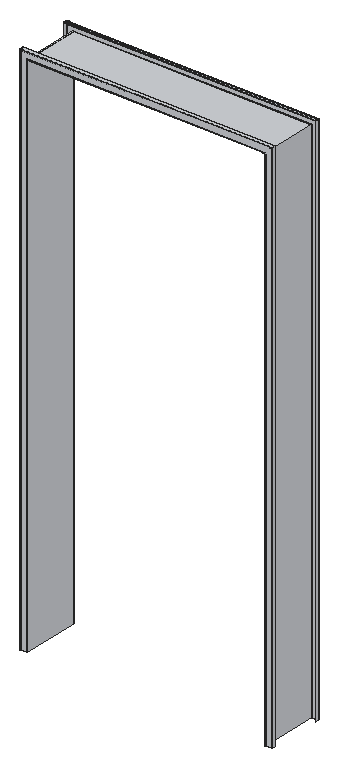
Revit family "BOS-Durchgangszarge-D-STW_Familie", category Türen, Revit 2017
Family settings
  Basisbauteil = Wand
  Immer vertikal = Ja
  Beim Laden mit Abzugskörper schneiden = Nein
  Gemeinsam genutzt = Nein
  Raumberechnungspunkt = Ja
Parameters (values of type "D")
  Wandstärke   Wall Thickness [instance] = 200 mm
  URL = "www.BestOfSteel.de/stahlzargen/weitere-loesungen/durchgangszargen/"
  Typenbild = <Keine Auswahl>
  Theoretisches Rohbaumaß Höhe   Theoretical Wall Opening Height Measurement [instance] = LDH Lichte Durchgangs Höhe + Einfügepunkt  # 2123 mm
  Theoretisches Rohbaumaß Breite   Theoretical Wall Opening Width Measurement [instance] = LDB Lichte Durchgangs Breite + (2 * Einfügepunkt)  # 996 mm
  Spiegel vorne   Architrave Front [instance] = 30 mm
  Spiegel vorne [instance] = if(Spiegel vorne   Architrave Front < 30 mm, 30 mm, if(Spiegel vorne   Architrave Front > 80 mm, 80 mm, Spiegel vorne   Architrave Front))  # 30 mm
  Spiegel hinten   Architrave Back [instance] = 30 mm
  Spiegel hinten [instance] = if(Spiegel hinten   Architrave Back < 30 mm, 30 mm, if(Spiegel hinten   Architrave Back > 80 mm, 80 mm, Spiegel hinten   Architrave Back))  # 30 mm
  Rough Height = 0 mm  # constant formula
  Rough Width = 0 mm  # constant formula
  Rechtliche Hinweise [instance] = "www.BestOfSteel.de/tools-downloads/bim-building-information-modeling/"
  Putzwinkel vorne = 15 mm  # constant formula
  Putzwinkel hinten = 15 mm  # constant formula
  MW min. = 100 mm  # constant formula
  MW max. = GT max. - Putzwinkel vorne - Putzwinkel hinten  # 620 mm
  LDH Lichte_Durchgangs_Höhe   Clearance Height [instance] = 2093 mm
  LDH Lichte Durchgangs Höhe [instance] = if(LDH Lichte_Durchgangs_Höhe   Clearance Height < LDH min., LDH min., if(LDH Lichte_Durchgangs_Höhe   Clearance Height > LDH max., LDH max., LDH Lichte_Durchgangs_Höhe   Clearance Height))  # 2093 mm
  LDB Lichte_Durchgangs_Breite   Clearance Width [instance] = 936 mm
  LDB Lichte Durchgangs Breite [instance] = if(LDB Lichte_Durchgangs_Breite   Clearance Width < LDB min., LDB min., if(LDB Lichte_Durchgangs_Breite   Clearance Width > LDB max., LDB max., LDB Lichte_Durchgangs_Breite   Clearance Width))  # 936 mm
  Information in English = no
  GT max. = 650 mm  # constant formula
  Funktion = Innen
  LDH min. = 1593 mm  # constant formula
  LDH max. = 2843 mm  # constant formula
  LDB min. = 561 mm  # constant formula
  LDB max. = 1311 mm  # constant formula
  Modell = "D"
  Material - Zarge = none
  Material = "grundiert, feuerverzinktes Feinblech nach DIN EN 10143"
  MW Maulweite   Receiving Opening [instance] = if(Wandstärke   Wall Thickness < MW min., MW min., if(Wandstärke   Wall Thickness > MW max., MW max., Wandstärke   Wall Thickness))  # 200 mm
  Height [instance] = Theoretisches Rohbaumaß Höhe   Theoretical Wall Opening Height Measurement  # 2123 mm
  Hersteller = "BOS GmbH Best Of Steel, Lütkenfelde 4, D-48282 Emsdetten"
  GT Gesamttiefe_Zarge   Total Profile Depth [instance] = MW Maulweite   Receiving Opening + Putzwinkel vorne + Putzwinkel hinten  # 230 mm
  MW Fehler [instance] = or(Wandstärke   Wall Thickness < MW min., Wandstärke   Wall Thickness > MW max.)  # no
  Einfügepunkt = 30 mm  # constant formula
  Dicke = 0 mm  # constant formula
  D = yes
  Width = 0 mm  # constant formula
  Beschreibung = "Durchgangszarge für Ständerwerk"
  Bauelement = "BOS Stahlzarge"
  BOS-Architekten-Beratung = "Tel.: +49 (0) 2572 203-203, Fax -209; E-Mail: architekten@BestOfSteel.de"
  BE max. = 100 mm  # constant formula
  BE Bodeneinstand   Foundation Bedding [instance] = 0 mm
  BE Bodeneinstand [instance] = if(BE Bodeneinstand   Foundation Bedding < 0 mm, 0 mm, if(BE Bodeneinstand   Foundation Bedding > BE max., BE max., BE Bodeneinstand   Foundation Bedding))  # 0 mm
  Allgemeine Informationen zu Stahlzargen = "www.BestOfSteel.de/tools-downloads/technische-infos-rund-um-die-stahlzarge/"
  Info-Texte sichtbar = yes
Reference planes
  plane 1 "Wand": y = 0
  plane 2 "Mitte (Links/rechts)": x = 125
  plane 3 "Hinten": y = 100
  plane 4 "Vorne": y = -100
  plane 5 "TRB links": x = -373
  plane 6 "TRB rechts": x = 623
  plane 7 "TRH oben": z = 2123
  plane 8 "BE": z = 0
  plane 9 "LDH oben": z = 2093
  plane 10 "BE max.": z = -100
  plane 11 "LDB links": x = -343
  plane 12 "LDB rechts": x = 593
Forms (mm)
  Sweep 1, solid, material <- "Material - Zarge", visible <- "D", detail levels medium+fine
    path origin (0, -100, 0) x (-1, 0, 0) y (0, 0, 1)
      loop
        line (373, 0) -> (373, 2123) -> (-623, 2123) -> (-623, 0)
    profile "BOS-D_Profil : BOS-D_Profil" origin (-373, -100, 1061.5) x (1, 0, 0) y (0, 1, 0)
      loop
        line (0, 200) -> (1.5, 200) -> (1.5, 212.5)
        arc (1.5, 212.5) -> (1.793, 213.207) -> (2.5, 213.5) r 1
        line (2.5, 213.5) -> (27.5, 213.5)
        arc (27.5, 213.5) -> (28.207, 213.207) -> (28.5, 212.5) r 1
        line (28.5, 212.5) -> (28.5, -12.5)
        arc (28.5, -12.5) -> (28.207, -13.207) -> (27.5, -13.5) r 1
        line (27.5, -13.5) -> (2.5, -13.5)
        arc (2.5, -13.5) -> (1.793, -13.207) -> (1.5, -12.5) r 1
        line (1.5, -12.5) -> (1.5, 0) -> (0, 0) -> (0, -12.5)
        arc (0, -12.5) -> (0.732, -14.268) -> (2.5, -15) r 2.5
        line (2.5, -15) -> (27.5, -15)
        arc (27.5, -15) -> (29.268, -14.268) -> (30, -12.5) r 2.5
        line (30, -12.5) -> (30, 212.5)
        arc (30, 212.5) -> (29.268, 214.268) -> (27.5, 215) r 2.5
        line (27.5, 215) -> (2.5, 215)
        arc (2.5, 215) -> (0.732, 214.268) -> (0, 212.5) r 2.5
        line (0, 212.5) -> (0, 200)
  Sweep 2, void
    path origin (0, -100, 0) x (-1, 0, 0) y (0, 0, 1)
      loop
        line (373, 0) -> (373, 2123) -> (-125, 2123)
    profile origin (-373, -100, 1061.5) x (1, 0, 0) y (0, 1, 0)
      loop
        line (23, 200) -> (23, 175) -> (0, 175) -> (0, 25) -> (23, 25) -> (23, 0) -> (498, 0) -> (498, 200) -> (23, 200)
  Sweep 3, void
    path origin (0, -100, 0) x (-1, 0, 0) y (0, 0, 1)
      loop
        line (-623, 0) -> (-623, 2123) -> (-125, 2123)
    profile origin (623, -100, 1061.5) x (1, 0, 0) y (0, 1, 0)
      loop
        line (-498, 200) -> (-498, 0) -> (-23, 0) -> (-23, 25) -> (0, 25) -> (0, 175) -> (-23, 175) -> (-23, 200) -> (-498, 200)
Lines and regions (mm)
  reference lines
    curve 1: line (65, 650, 0) -> (185, 650, 0)
    curve 2: line (65, -650, 0) -> (185, -650, 0)
    curve 3: line (1123, 100, 0) -> (1123, -100, 0)
Text (mm)
  text "Außen     " at (-1696.17, 830.944, 0), in view "Ref.-Ebene"
  text "Außen" at (0, 1409.804, 2854.306), in view "Links"
  text "Placement side" at (0, 499.811, 2980.732), in view "Rechts"
Dimensions and locks
  locked: plane 3 "Hinten" to host wall
  locked: host wall to plane 4 "Vorne" at 0
  equal spacing: plane 5 "TRB links", plane 2 "Mitte (Links/rechts)", plane 6 "TRB rechts"
  "Theoretisches Rohbaumaß Breite   Theoretical Wall Opening Width Measurement": plane 5 "TRB links" to plane 6 "TRB rechts"
  "BE Bodeneinstand": plane 8 "BE" to level
  "Wandstärke   Wall Thickness": host wall to host wall
  locked: plane 6 "TRB rechts" to curve 3 at 500
  "LDH Lichte Durchgangs Höhe": plane 9 "LDH oben" to level
  "Theoretisches Rohbaumaß Höhe   Theoretical Wall Opening Height Measurement": plane 7 "TRH oben" to level
  curve 2 to plane 4 "Vorne" to plane 3 "Hinten" to curve 1 = 550 mm, 200 mm, 550 mm
  "BE max.": level to plane 10 "BE max."
  equal spacing: plane 11 "LDB links", plane 2 "Mitte (Links/rechts)", plane 12 "LDB rechts"
  "LDB Lichte Durchgangs Breite": plane 11 "LDB links" to plane 12 "LDB rechts"
  aligned and locked: plane 1 "Wand" to host wall
  aligned and locked: plane 6 "TRB rechts" to nested 1
  aligned and locked: nested 1 to plane 4 "Vorne"
  aligned and locked: nested 2 to curve 3
  aligned and locked: host wall to nested 2
  aligned and locked: nested 3 to plane 2 "Mitte (Links/rechts)"
  aligned and locked: curve 2 to nested 3
  aligned and locked: plane 5 "TRB links" to nested 5
  aligned and locked: nested 5 to plane 4 "Vorne"
  aligned and locked: plane 6 "TRB rechts" to nested 6
  aligned and locked: plane 4 "Vorne" to nested 6
  aligned and locked: nested 4 to nested 5
  aligned and locked: nested 5 to nested 4
  aligned and locked: plane 2 "Mitte (Links/rechts)" to nested 7
  aligned and locked: curve 1 to nested 7
  aligned and locked: plane 2 "Mitte (Links/rechts)" to Sweep 2 sketch curve
  aligned and locked: Sweep 2 sketch curve to nested 5  (x6)
  aligned and locked: nested 5 to Sweep 2 sketch curve
  aligned and locked: Sweep 3 sketch curve to plane 2 "Mitte (Links/rechts)"
  aligned and locked: nested 6 to Sweep 3 sketch curve  (x2)
  aligned and locked: Sweep 3 sketch curve to nested 6  (x5)
Automatic sketch dimensions
  Sweep 1 sketch curve to plane 6 "TRB rechts" = 0 mm
  Sweep 1 sketch curve to plane 5 "TRB links" = 0 mm
  Sweep 1 sketch curve to plane 8 "BE" = 0 mm  (x2)
  Sweep 1 sketch curve to plane 7 "TRH oben" = 0 mm
  host wall to curve 3 = 0 mm
  curve 3 to host wall = 0 mm
  plane 2 "Mitte (Links/rechts)" to curve 1 = 60 mm
  plane 2 "Mitte (Links/rechts)" to curve 2 = 60 mm
  curve 1 to plane 2 "Mitte (Links/rechts)" = 60 mm
  curve 2 to plane 2 "Mitte (Links/rechts)" = 60 mm
  Sweep 2 sketch curve to plane 2 "Mitte (Links/rechts)" = 0 mm
  Sweep 2 sketch curve to plane 5 "TRB links" = 0 mm
  Sweep 2 sketch curve to level = 0 mm
  Sweep 2 sketch curve to plane 7 "TRH oben" = 0 mm
  Sweep 3 sketch curve to plane 6 "TRB rechts" = 0 mm
  Sweep 3 sketch curve to plane 2 "Mitte (Links/rechts)" = 0 mm
  Sweep 3 sketch curve to level = 0 mm
  Sweep 3 sketch curve to plane 7 "TRH oben" = 0 mm
Nested families
  nested 1: "BOS-BOS_Modell" at (623, -100, 1050), type "BOS-BOS_Modell", not visible
  nested 2: "BOS-Info-Texte_Beschriftung" at (1123, -0.955, 0), visible <- "MW Fehler", type "Maulweite Fehlermeldung"
  nested 3: "BOS-Info-Texte_Beschriftung" at (125, -650.955, 0), visible <- "Info-Texte sichtbar", type "Rechtliche Hinweise"
  nested 4: "BOS-Logo_Modell" at (-343, 70.5, 0), type "BOS-Logo_Modell", detail levels fine
  nested 5: "BOS-Bügelanker-eckig_Detail" at (-373, -100, 0), type "BOS-Bügelanker-eckig_Detail", detail levels fine
  nested 6: "BOS-Bügelanker-eckig_Detail" at (623, -100, 0) x (-1, 0, 0) z (0, 0, 1), type "BOS-Bügelanker-eckig_Detail", detail levels fine
  nested 7: "BOS-Info-Texte_Beschriftung" at (125, 649.045, 0), visible <- "Info-Texte sichtbar", type "Technische Hinweise 2"
Definition of nested family "BOS-BOS_Modell"
  Parameters (values of type "BOS-BOS_Modell")
    Abstand = 22 mm
  Reference planes
    plane 1 "Mitte (Vorne/hinten)": y = 0
    plane 2: z = 0
    plane 3 "Mitte (Links/rechts)": x = 0
    plane 4 "BOS": x = -22
  Dimensions and locks
    "Abstand": plane 4 "BOS" to plane 3 "Mitte (Links/rechts)"
    aligned and locked: level to plane 2
    aligned and locked: plane 1 "Mitte (Vorne/hinten)" to text3d elem
    aligned and locked: text3d elem to level
Definition of nested family "BOS-Info-Texte_Beschriftung"
  Parameters (values of type "Technische Hinweise 2")
    Info-Text En = "Due to manufacturing reasons this Revit family may not be changed\r\nwithout consulting BOS!\r\n\r\nThe solid and stud walls or, for example, their profiles,\r\nmust be designed so that they can reliably and sustainably\r\nabsorb the static and dynamic forces resulting\r\nfrom the load on the door element used."
    Englisch = no
    Info-Text De = "Diese Revit-Familie darf aus fertigungstechnischen Gründen\r\nnicht ohne Rücksprache mit BOS abgeändert werden!\r\n\r\nDie Massiv- und Ständerwerkswände bzw. deren Profile\r\nmüssen so ausgebildet sein, dass sie die statischen\r\nund dynamischen Kräfte, welche sich aus der Belastung\r\nder verwendeten Türelements ergeben, zuverlässig\r\nund nachhaltig aufnehmen können."
    Warndreieck = no
    Fehlerkreis = no
    Deutsch = not(Englisch)  # yes
    Ausrufezeichen = "!"
  Types (14, lengths in mm): name | Info-Text En | Info-Text De | Fehlerkreis
    Technische Hinweise MW | "Due to manufacturing reasons this Revit family may not be changed\r\nwithout consulting BOS!\r\n\r\nDo not mirror frames (door list)!\r\nsee ‘Features’: DIN left / DIN right" | "Diese Revit-Familie darf aus fertigungstechnischen Gründen\r\nnicht ohne Rücksprache mit BOS abgeändert werden!\r\n\r\nZargen nicht spiegeln (Türliste)!\r\nsiehe 'Eigenschaften': DIN links / DIN rechts" | no
    Rechtliche Hinweise | "In accordance with the protection note according to DIN 34, the ownership and copyrights are reserved!\r\n© 2016 BOS GmbH, Emsdetten, Germany -\r\nObserve the ISO 16016 protective label (see ID data)!\r\n\r\nSubject to technical change!" | "Entsprechend dem Schutzvermerk nach DIN 34 behalten wir uns Eigentum und Urheberrecht vor!\r\n© 2016 BOS GmbH, Emsdetten, Deutschland -\r\nSchutzvermerk ISO 16016 beachten (siehe ID-Daten)!\r\n\r\nTechnische Änderungen vorbehalten!" | no
    Maulweite Fehlermeldung | "Check the wall thickness!" | "Wandstärke prüfen!" | yes
    Technische Hinweise STW | "Due to manufacturing reasons this Revit family may not be changed\r\nwithout consulting BOS!\r\n\r\nDo not mirror frames (door list)!\r\nsee ‘Features’: DIN left / DIN right\r\n\r\nUA-profile (according to DIN 18182) to be provided on-site,\r\naccording to static calculation" | "Diese Revit-Familie darf aus fertigungstechnischen Gründen\r\nnicht ohne Rücksprache mit BOS abgeändert werden!\r\n\r\nZargen nicht spiegeln (Türliste)!\r\nsiehe 'Eigenschaften': DIN links / DIN rechts\r\n\r\nUA-Profil (gem. DIN 18182) bauseits,\r\nnach statischer Berechnung" | no
    Rohbaumaß Warnung | "For DIN door leaves, select larger structural wall measurements!" | "Bei DIN-Türblatt Rohbaumaße größer wählen!" | no
    Verstellbereich wkBud | "Adjustment area from -5 to +15mm,\r\nother adjustment areas possible" | "Verstellbereich von -5 bis +15mm\r\nanderer Verstellbereich möglich" | no
    Verstellbereich wSvdW | "Adjustment area in the soffit from -2 to +15mm,\r\nother adjustment areas possible" | "Verstellbereich in der Zargenleibung von -2 bis +15mm\r\nanderer Verstellbereich möglich" | no
    Technische Hinweise MW Norm | "Due to manufacturing reasons this Revit family may not be changed\r\nwithout consulting BOS!" | "Diese Revit-Familie darf aus fertigungstechnischen Gründen\r\nnicht ohne Rücksprache mit BOS abgeändert werden!" | no
    Technische Hinweise STW Norm | "Due to manufacturing reasons this Revit family may not be changed\r\nwithout consulting BOS!\r\n\r\nUA-profile (according to DIN 18182) to be provided on-site,\r\naccording to static calculation" | "Diese Revit-Familie darf aus fertigungstechnischen Gründen\r\nnicht ohne Rücksprache mit BOS abgeändert werden!\r\n\r\nUA-Profil (gem. DIN 18182) bauseits,\r\nnach statischer Berechnung" | no
    Maulweite Auswahl | "To adjust Receiving Opening see 'Features'" | "Anpassung von MW Maulweite unter 'Eigenschaften'" | no
    Technische Hinweise 15Nz15Z | "Due to manufacturing reasons this Revit family may not be changed\r\nwithout consulting BOS!\r\n\r\nDo not mirror frames (door list)!\r\nsee ‘Features’: DIN left / DIN right\r\n\r\nAttention for stud walls:\r\nno standard structural wall measurement, take the underlay into account!\r\nFor selection \"stud walls\":\r\nsee 'Features' (remove tick for brick walls)\r\n\r\nUA-profile (according to DIN 18182) to be provided on-site,\r\naccording to static calculation" | "Diese Revit-Familie darf aus fertigungstechnischen Gründen\r\nnicht ohne Rücksprache mit BOS abgeändert werden!\r\n\r\nZargen nicht spiegeln (Türliste)!\r\nsiehe 'Eigenschaften': DIN links / DIN rechts\r\n\r\nAchtung bei Ständerwerk:\r\nkein Standard-Rohbaumaß, Unterfütterung beachten!\r\nFür Auswahl \"Ständerwerk\": \r\nsiehe 'Eigenschaften' (Häkchen entfernen bei Mauerwerk)\r\n\r\nUA-Profil (gem. DIN 18182) bauseits, nach statischer Berechnung" | no
    Technische Hinweise MW-STW | "Due to manufacturing reasons this Revit family may not be changed\r\nwithout consulting BOS!\r\n\r\nDo not mirror frames (door list)!\r\nsee ‘Features’: DIN left / DIN right\r\n\r\nAttention for stud walls:\r\nUA-profile (according to DIN 18182) to be provided on-site,\r\naccording to static calculation\r\n\r\nAttention for brickwork:\r\nFor DIN door leaves, select larger structural wall measurements!" | "Diese Revit-Familie darf aus fertigungstechnischen Gründen\r\nnicht ohne Rücksprache mit BOS abgeändert werden!\r\n\r\nZargen nicht spiegeln (Türliste)!\r\nsiehe 'Eigenschaften': DIN links / DIN rechts\r\n\r\nAchtung bei Ständerwerk:\r\nUA-Profil (gem. DIN 18182) bauseits, nach statischer Berechnung\r\n\r\nAchtung bei Mauerwerk:\r\nBei DIN-Türblatt Rohbaumaße größer wählen!" | no
    Technische Hinweise | "Due to manufacturing reasons this Revit family may not be changed\r\nwithout consulting BOS!\r\n\r\nDo not mirror frames (door list)!\r\nsee ‘Features’: DIN left / DIN right\r\n\r\nThe solid and stud walls or, for example, their profiles,\r\nmust be designed so that they can reliably and sustainably\r\nabsorb the static and dynamic forces resulting\r\nfrom the load on the door element used." | "Diese Revit-Familie darf aus fertigungstechnischen Gründen\r\nnicht ohne Rücksprache mit BOS abgeändert werden!\r\n\r\nZargen nicht spiegeln (Türliste)!\r\nsiehe 'Eigenschaften': DIN links / DIN rechts\r\n\r\nDie Massiv- und Ständerwerkswände bzw. deren Profile\r\nmüssen so ausgebildet sein, dass sie die statischen\r\nund dynamischen Kräfte, welche sich aus der Belastung\r\nder verwendeten Türelements ergeben, zuverlässig\r\nund nachhaltig aufnehmen können." | no
    Technische Hinweise 2 | "Due to manufacturing reasons this Revit family may not be changed\r\nwithout consulting BOS!\r\n\r\nThe solid and stud walls or, for example, their profiles,\r\nmust be designed so that they can reliably and sustainably\r\nabsorb the static and dynamic forces resulting\r\nfrom the load on the door element used." | "Diese Revit-Familie darf aus fertigungstechnischen Gründen\r\nnicht ohne Rücksprache mit BOS abgeändert werden!\r\n\r\nDie Massiv- und Ständerwerkswände bzw. deren Profile\r\nmüssen so ausgebildet sein, dass sie die statischen\r\nund dynamischen Kräfte, welche sich aus der Belastung\r\nder verwendeten Türelements ergeben, zuverlässig\r\nund nachhaltig aufnehmen können." | no
  Reference planes
    plane 1: y = 0.955
    plane 2: x = 0
  Lines and regions (mm)
    Filled region 1, type "Gefüllter Bereich Gelb", visible <- "Warndreieck"
      outline origin (-7.188, 1.747, 0) x (1, 0, 0) y (0, 1, 0)
        loop
          line (5.951, -3.033) -> (8.413, -3.033) -> (7.182, -0.9) -> (5.951, -3.033)
    Filled region 2, type "Gefüllter Bereich Rot", visible <- "Fehlerkreis"
      outline origin (0, -3.763, 0) x (1, 0, 0) y (0, 1, 0)
        loop
          circle (0, 3.1) r 1.5
        loop
          line (-0.937, 3.486) -> (-0.937, 2.686) -> (1.023, 2.686) -> (1.023, 3.486) -> (-0.937, 3.486)
    Filled region 3, type "Gefüllter Bereich Weiss", visible <- "Fehlerkreis"
      outline origin (-7.014, -2.062, 0) x (1, 0, 0) y (0, 1, 0)
        loop
          line (6.077, 1.785) -> (6.077, 0.985) -> (8.038, 0.985) -> (8.038, 1.785) -> (6.077, 1.785)
  Text (mm)
    label "Info-Text De" at (0.065, 1.415, 0), shows "Info-Text De", visible <- "Deutsch"
    label "!" at (0.065, -0.414, 0), shows "Ausrufezeichen", visible <- "Warndreieck"
    label "Info-Text En" at (0.065, 1.415, 0), shows "Info-Text En", visible <- "Englisch"
  Dimensions and locks
    aligned and locked: Filled region 3 sketch curve to Filled region 2  (x4)
Definition of nested family "BOS-Logo_Modell"
  Parameters (values of type "BOS-Logo_Modell")
    URL = "www.BestOfSteel.de"
    Keynote = "BOS Logo"
  Reference planes
    plane 1 "Mitte (Vorne/hinten)": y = 0
    plane 2: z = 0
    plane 3 "Mitte (Links/rechts)": x = 0
    plane 4: x = -30
    plane 5: y = -20
  Dimensions and locks
    aligned and locked: level to plane 2
Definition of nested family "BOS-Bügelanker-eckig_Detail"
  Parameters (values of type "BOS-Bügelanker-eckig_Detail")
    URL = "www.BestOfSteel.de"
    MW Maulweite   Receiving Opening = 200 mm
    Info-Flyer = "www.BestOfSteel.de/fileadmin/media/tools_downloads/info_flyer/"
    Manufacturer = "BOS GmbH Best Of Steel, Lütkenfelde 4, D-48282 Emsdetten"
    Falzaufschlag = 15 mm
    Einfügepunkt = 30 mm
    Einfacheplankt = MW Maulweite   Receiving Opening < 100 mm  # no
    Doppelbeplankt = not(Einfacheplankt)  # yes
    Description = "Bügelanker eckig"
    Beplankungsstärke = if(Einfacheplankt, 12.5 mm, 25 mm)  # 25 mm
    Keynote = "BOS Bügelanker eckig"
  Reference planes
    plane 1: y = 0
    plane 2: z = 0
    plane 3: x = 0
    plane 4: y = 200
    plane 5: x = -50
    plane 6: x = -100
    plane 7: x = 43.5
    plane 8: x = 28.5
    plane 9: x = 30
    plane 10: x = 45
    plane 11: y = 175
    plane 12: y = 25
  Lines and regions (mm)
    model lines, in view "Ref.-Ebene"
      curve 1: arc (0, 170, 0) -> (-1.464, 173.536, 0) -> (-5, 175, 0) r 5
      curve 2: arc (-5, 25, 0) -> (-1.464, 26.464, 0) -> (0, 30, 0) r 5
      curve 3: arc (-2, 170, 0) -> (-2.879, 172.121, 0) -> (-5, 173, 0) r 3
      curve 4: arc (-5, 27, 0) -> (-2.879, 27.879, 0) -> (-2, 30, 0) r 3
      curve 5: arc (0, 30.5, 0) -> (0.879, 28.379, 0) -> (3, 27.5, 0) r 3
      curve 6: arc (2, 30.5, 0) -> (2.293, 29.793, 0) -> (3, 29.5, 0) r 1
      curve 7: arc (26.5, 26.5, 0) -> (26.207, 27.207, 0) -> (25.5, 27.5, 0) r 1
      curve 8: arc (28.5, 26.5, 0) -> (27.621, 28.621, 0) -> (25.5, 29.5, 0) r 3
      curve 9: arc (3, 172.5, 0) -> (0.879, 171.621, 0) -> (0, 169.5, 0) r 3
      curve 10: arc (3, 170.5, 0) -> (2.293, 170.207, 0) -> (2, 169.5, 0) r 1
      curve 11: arc (40.5, 172.5, 0) -> (41.207, 172.793, 0) -> (41.5, 173.5, 0) r 1
      curve 12: arc (40.5, 170.5, 0) -> (42.621, 171.379, 0) -> (43.5, 173.5, 0) r 3
      curve 13: line (-100, 200, 0) -> (38, 200, 0)
      curve 14: line (38, 200, 0) -> (38, 175, 0)
      curve 15: line (38, 175, 0) -> (-100, 175, 0)
      curve 16: line (23, 0, 0) -> (23, 25, 0)
      curve 17: line (23, 25, 0) -> (-100, 25, 0)
      curve 18: line (0, 170, 0) -> (0, 30, 0)
      curve 19: line (-50, 175, 0) -> (-50, 173, 0)
      curve 20: line (-50, 173, 0) -> (-5, 173, 0)
      curve 21: line (-5, 27, 0) -> (-50, 27, 0)
      curve 22: line (-50, 27, 0) -> (-50, 25, 0)
      curve 24: line (-2, 170, 0) -> (-2, 30, 0)
      curve 25: line (2, 169.5, 0) -> (2, 30.5, 0)
      curve 26: line (26.5, -12.5, 0) -> (26.5, 26.5, 0)
      curve 27: line (25.5, 27.5, 0) -> (3, 27.5, 0)
      curve 28: line (25.5, 29.5, 0) -> (3, 29.5, 0)
      curve 29: line (40.5, 172.5, 0) -> (3, 172.5, 0)
      curve 30: line (40.5, 170.5, 0) -> (3, 170.5, 0)
      curve 31: line (43.5, 173.5, 0) -> (43.5, 189.5, 0)
      curve 32: line (43.5, 189.5, 0) -> (41.5, 189.5, 0)
      curve 33: line (41.5, 189.5, 0) -> (41.5, 173.5, 0)
      curve 34: line (28.5, 26.5, 0) -> (28.5, -12.5, 0)
    model lines, in view "Ref.-Ebene", visible <- "Doppelbeplankt"
      curve 23: line (38, 187.5, 0) -> (-100, 187.5, 0)
    detail lines, in view "Ref.-Ebene"
      curve 35: line (23, 0, 0) -> (-100, 0, 0)
      curve 37: line (26.5, -12.5, 0) -> (28.5, -12.5, 0)
    detail lines, in view "Ref.-Ebene", visible <- "Doppelbeplankt"
      curve 36: line (23, 12.5, 0) -> (-100, 12.5, 0)
  Dimensions and locks
    "MW Maulweite   Receiving Opening": plane 4 to plane 1
    plane 5 to plane 3 = 50 mm
    plane 6 to plane 3 = 100 mm
    plane 8 to plane 9 = 1.5 mm
    "Einfügepunkt": plane 3 to plane 9
    locked: plane 7 to plane 10 at 1.5
    "Falzaufschlag": plane 9 to plane 10
    equal spacing: curve 15, curve 23, curve 13
    "Beplankungsstärke": plane 4 to plane 11
    equal spacing: plane 12, curve 36, plane 1
    "Beplankungsstärke": plane 12 to plane 1
    aligned and locked: curve 13 to plane 4
    aligned and locked: curve 19 to plane 5
    aligned and locked: curve 22 to plane 5
    aligned and locked: plane 6 to curve 13
    aligned and locked: plane 6 to curve 23
    aligned and locked: plane 6 to curve 15
    aligned and locked: plane 6 to curve 35
    aligned and locked: plane 6 to curve 36
    aligned and locked: plane 6 to curve 17
    aligned and locked: curve 31 to plane 7
    aligned and locked: curve 34 to plane 8
    aligned and locked: plane 11 to curve 15
    aligned and locked: plane 12 to curve 17
  Automatic sketch dimensions
    curve 1 to curve 3 = 0 mm  (x2)
    curve 2 to curve 4 = 0 mm  (x2)
    curve 5 to curve 6 = 0 mm  (x2)
    curve 7 to curve 8 = 0 mm  (x2)
    curve 9 to curve 10 = 0 mm  (x2)
    curve 11 to curve 12 = 0 mm  (x2)
    curve 5 to plane 3 = 0 mm
    plane 1 to curve 16 = 0 mm
    curve 37 to plane 8 = 0 mm
    curve 2 to curve 2 = 5 mm
    curve 3 to curve 1 = 5 mm
    curve 24 to curve 1 = 2 mm
    plane 3 to curve 25 = 2 mm
    curve 6 to curve 28 = 1 mm
    curve 10 to curve 10 = 1 mm
    curve 16 to curve 7 = 3.5 mm
    curve 27 to curve 26 = 1 mm
    plane 7 to curve 13 = 5.5 mm
    plane 7 to curve 30 = 3 mm
    curve 16 to curve 8 = 1.5 mm
    curve 10 to curve 1 = 0.5 mm
    curve 23 to curve 32 = 2 mm
    curve 36 to plane 8 = 5.5 mm
    curve 35 to curve 16 = 0 mm
    curve 37 to curve 26 = 0 mm  (x2)
    plane 1 to curve 34 = 12.5 mm
    curve 26 to curve 34 = 0 mm
    plane 1 to curve 35 = 0 mm
